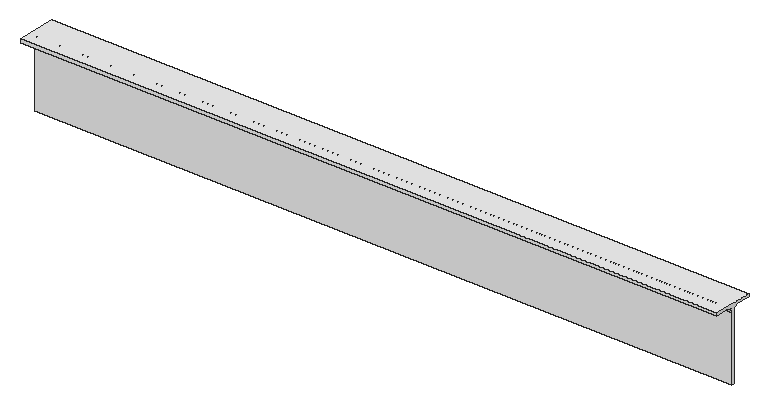
Revit family
Parameters (values of type "MT125X6.7")
  시작 확장 계산 [instance] = 3012.5 mm + 시작 확장  # 3000 mm
  시작 확장 [instance] = -12.5 mm
  끝 확장 계산 [instance] = 3012.5 mm + 끝 확장  # 3000 mm
  끝 확장 [instance] = -12.5 mm
  보 재료 [instance] = 금속 - 스틸 - 345 MPa
  Assembly Code = ""
  A = 0.001 m²
  Length [instance] = 1524 mm
  W = 0.066
  bf = 68.3 mm
  d = 127 mm
  k = 14 mm
  kr = k - tf  # 8.8 mm
  tf = 5.2 mm
  tw = 4 mm
Types (2, lengths in mm): name | A | W | bf | d | kr | tf | tw
  MT125X6.7 | 0.001 m² | 0.066 | 68.3 | 127 | 8.8 | 5.2 | 4
  MT155X8.8 | 0.00111 m² | 0.086 | 77.9 | 152 | 8.3 | 5.7 | 4.5
Reference planes
  plane 1 "중심(앞/뒤)": y = 0
  plane 2: z = 0
  plane 3 "중심(왼쪽/오른쪽)": x = 4.61
  plane 4 "왼쪽 부재": x = -604.99
  plane 5 "오른쪽 부재": x = 614.21
  plane 6: y = 34.15
  plane 7: y = -34.15
  plane 8 "상단": z = 63.5
  plane 9: z = -63.5
  plane 10 "왼쪽": x = -757.39
  plane 11 "오른쪽": x = 766.61
  plane 12: x = -604.99
  plane 13: x = 614.21
  plane 14: x = 2395.01
  plane 15: x = -2385.79
Forms (mm)
  Sweep 1, solid, material "금속 - 스틸 - 345 MPa" <- "보 재료", detail levels medium
    path origin (0, 0, 0) x (1, 0, 0) y (0, 1, 0)
      loop
        line (614.21, 0) -> (-604.99, 0)
    profile "M_구조 T자형-프로파일-중간 : M_구조 T자형-프로파일-중간" origin (4.61, 0, 0) x (0, -1, 0) y (0, 0, 1)
      loop
        line (-34.15, 63.5) -> (-34.15, 58.3) -> (-2, 58.3) -> (-2, -63.5) -> (2, -63.5) -> (2, 58.3) -> (34.15, 58.3) -> (34.15, 63.5) -> (-34.15, 63.5)
  Sweep 2, solid, material "금속 - 스틸 - 345 MPa" <- "보 재료", detail levels fine
    path origin (0, 0, 0) x (1, 0, 0) y (0, 1, 0)
      loop
        line (614.21, 0) -> (-604.99, 0)
    profile "M_구조 T자형-프로파일-섬세 : M_구조 T자형-프로파일-섬세" origin (4.61, 0, 0) x (0, -1, 0) y (0, 0, 1)
      loop
        line (-34.15, 63.5) -> (-34.15, 58.3) -> (-10.8, 58.3)
        arc (-10.8, 58.3) -> (-4.577, 55.723) -> (-2, 49.5) r 8.8
        line (-2, 49.5) -> (-2, -63.5) -> (2, -63.5) -> (2, 49.5)
        arc (2, 49.5) -> (4.577, 55.723) -> (10.8, 58.3) r 8.8
        line (10.8, 58.3) -> (34.15, 58.3) -> (34.15, 63.5) -> (-34.15, 63.5)
Lines and regions (mm)
  symbolic lines, style "숨겨진 면", detail levels medium+fine
    curve 1: line (614.21, -2.5, 0) -> (-604.99, -2.5, 0)
    curve 2: line (614.21, 2.5, 0) -> (-604.99, 2.5, 0)
  symbolic lines, style "기호 부착", detail levels coarse
    curve 3: line (4.61, 34.15, 63.5) -> (4.61, -34.15, 63.5)
    curve 4: line (4.61, 0, 63.5) -> (4.61, 0, -63.5)
Dimensions and locks
  "bf": plane 6 to plane 7
  "d": plane 9 to plane 8 "상단"
  equal spacing: plane 9, plane 2, plane 8 "상단"
  equal spacing: plane 6, plane 1 "중심(앞/뒤)", plane 7
  "Length": plane 10 "왼쪽" to plane 11 "오른쪽"
  locked: plane 4 "왼쪽 부재" to plane 14 at 3000
  locked: plane 15 to plane 5 "오른쪽 부재" at 3000
  "끝 확장 계산": plane 15 to plane 13
  "시작 확장 계산": plane 12 to plane 14
  aligned and locked: Sweep 1 sketch curve to plane 1 "중심(앞/뒤)"
  aligned and locked: Sweep 2 sketch curve to plane 1 "중심(앞/뒤)"
  aligned and locked: Sweep 2 to curve 3  (x2)
  aligned and locked: curve 4 to Sweep 1
  aligned and locked: curve 3 to Sweep 2
  aligned and locked: plane 12 to Sweep 2 sketch curve
  aligned and locked: plane 13 to Sweep 2 sketch curve
  aligned and locked: plane 12 to Sweep 1 sketch curve
  aligned and locked: plane 13 to Sweep 1 sketch curve
Automatic sketch dimensions
  curve 1 to plane 4 "왼쪽 부재" = 0 mm
  curve 2 to plane 4 "왼쪽 부재" = 0 mm
  curve 2 to plane 5 "오른쪽 부재" = 0 mm
  curve 1 to plane 5 "오른쪽 부재" = 0 mm
  plane 1 "중심(앞/뒤)" to curve 1 = 2.5 mm
  curve 2 to plane 1 "중심(앞/뒤)" = 2.5 mm
  curve 4 to plane 1 "중심(앞/뒤)" = 0 mm
